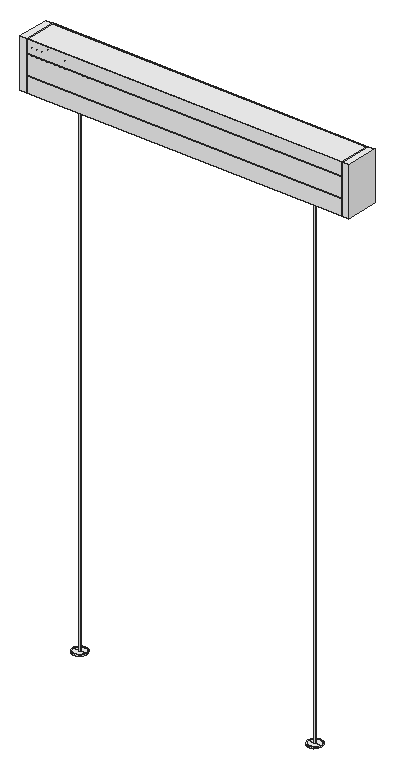
Revit family "2.3 inch  MAGIC WALL WASH LINEAR LIGHT", category Lighting Fixtures, host Face, Revit 2020 (continued)
Types (17): name | Wattage Comments | Wattage | Wall Mount | Suspenders Distance | Surface Mount | Recessed Mount | Photometric Web File | Pendent Mount | Order number | built-in parameter 1150142 | Model | built-in parameter 1150105 | Lumens | Light Source Height | Light Source Distance | built-in parameter 1150106 | Fixture Length
    .76  1905.95  1910.07  1913.86  1917.65  1921.44  1924.06  1926.62  1929.13  1932.27  \r\n 1935.56  1938.86  1941.55  1943.89  1946.19  1948.63  1951.24  1953.85  1956.12  1955.43  \r\n 1952.22  1949.05  1947.24  1945.34  1943.36  1940.06  1936.41  1932.78  1929.08  1925.28  \r\n 1921.41  1917.40  1913.05  1908.66  1904.23  1899.83  1895.44  1891.05  1886.32  1881.26  \r\n 1876.18  1871.07  1865.95  1860.82  1855.66  1849.89  1843.82  1837.69  1831.48  1825.26  \r\n 1819.05  1812.86  1806.32  1799.61  1792.84  1779.56  1765.00  1749.91  1734.28  1718.11  \r\n 1701.39  1684.09  1666.20  1647.87  1629.03  1609.67  1589.77  1568.31  1546.42  1524.09  \r\n 1501.31  1477.99  1454.22  1430.00  1405.25  1379.68  1353.79  1327.57  1301.00  1273.78  \r\n 1246.35  1218.71  1190.85  1162.74  1134.51  1106.17  1081.65  1057.88  1034.47  1011.27  \r\n 988.28   965.51   942.70   920.11   897.75   875.61   853.75   832.35   811.17   790.21   \r\n 769.47   748.94   728.63   708.56   688.73   669.13   649.77   630.54   611.47   592.60   \r\n 573.91   555.41   537.09   521.70   507.49   493.34   479.25   465.23   451.27   437.38   \r\n 423.58   409.84   396.16   382.52   368.94   355.41   341.92   328.47   315.02   301.63   \r\n 288.28   274.98   261.72   248.51   235.33   222.20   209.10   197.07   189.18   181.31   \r\n 173.48   165.66   157.86   150.09   142.33   134.59   126.87   119.17   111.48   103.80   \r\n 96.14    88.48    80.84    73.21    65.58    57.96    50.34    42.73    35.12    27.51    \r\n 19.90    19.25    18.61    17.96    17.31    16.67    16.02    15.37    14.72    14.08    \r\n 13.43    12.78    12.14    11.49    10.85    10.21    9.57     8.93     8.30     7.66     \r\n 7.03     6.40     5.78     5.16     5.11     5.21     5.31     5.40     5.50     5.59     \r\n 5.68     5.78     5.87     5.96     6.04     6.13     6.22     6.30     6.39     6.47     \r\n 6.55     6.63     6.71     6.78     6.86     6.93     7.00     7.07     7.12     7.10     \r\n 7.07     7.05     7.03     7.01     6.98     6.96     6.93     6.91     6.88     6.85     \r\n 6.82     6.79     6.76     6.73     6.70     6.66     6.63     6.59     6.56     6.52     \r\n 6.49     6.46     6.43     6.40     6.37     6.34     6.24     6.14     6.05     5.96     \r\n 5.88     5.79     5.71     5.63     5.55     5.47     5.39     5.31     5.23     5.15     \r\n 5.08     4.99     4.90     4.82     4.73     4.65     4.58     4.50     4.43     4.36     \r\n 4.29     4.23     4.16     4.09     4.02     3.95     3.89     3.85     3.80     3.75     \r\n 3.70     3.65     3.61     3.57     3.54     3.50     3.47     3.45     3.43     3.41     \r\n 3.39     3.37     3.35     3.33     3.31     3.30     3.28     3.27     3.26     3.24     \r\n 3.23     3.23     3.22     3.21     3.21     3.21     3.20     3.20     3.21     3.21     \r\n 3.21     3.22     3.23     3.25     3.27     3.29     3.32     3.35     3.37     3.40     \r\n 3.42     3.45     3.47     3.50     3.52     3.55     3.57     3.59     3.62     3.64     \r\n 3.67     3.69     3.72     3.74     3.77     3.79     3.82     3.84     3.87     3.90     \r\n 3.93     3.96     3.98     4.00     4.02     4.06     4.09     4.13     4.17     4.22     \r\n 4.26     \r\n1793.11  1801.14  1809.14  1816.98  1824.16  1831.34  1838.32  1844.92  1851.52  1857.85  \r\n 1863.93  1870.01  1875.76  1881.37  1886.99  1892.46  1897.88  1903.29  1908.37  1913.44  \r\n 1918.41  1923.00  1927.58  1931.82  1935.20  1938.53  1942.13  1946.13  1950.16  1953.66  \r\n 1956.73  1959.78  1963.01  1966.33  1969.64  1971.86  1973.80  1975.71  1979.00  1982.51  \r\n 1986.06  1987.65  1987.04  1984.22  1981.52  1978.75  1975.86  1972.43  1968.96  1965.44  \r\n 1961.79  1958.15  1954.42  1950.20  1945.95  1941.68  1937.37  1933.05  1928.60  1923.52  \r\n 1918.37  1913.11  1907.36  1901.62  1895.91  1890.05  1884.14  1878.18  1871.43  1864.54  \r\n 1857.59  1850.52  1843.41  1836.27  1829.05  1821.76  1814.48  1806.51  1797.36  1783.12  \r\n 1764.16  1744.66  1724.65  1704.12  1681.79  1658.73  1635.29  1610.86  1585.31  1559.50  \r\n 1533.42  1505.99  1478.41  1450.69  1422.43  1393.75  1365.07  1336.39  1306.11  1275.92  \r\n 1245.96  1216.27  1186.96  1157.92  1129.15  1100.54  1072.04  1043.75  1015.68  987.97   \r\n 963.30   941.27   919.51   897.98   876.69   855.66   834.89   814.49   794.54   774.82   \r\n 755.33   736.06   717.19   698.50   679.99   661.65   643.44   625.27   607.27   589.45   \r\n 571.80   554.30   536.92   519.71   502.66   485.77   470.19   456.19   442.27   428.47   \r\n 414.77   401.19   387.71   374.30   360.99   347.79   334.69   321.69   308.78   295.98   \r\n 283.26   270.64   258.10   245.64   233.27   220.96   208.73   196.57   184.48   174.50   \r\n 167.01   159.54   152.11   144.70   137.32   129.97   122.64   115.33   108.04   100.77   \r\n 93.52    86.28    79.06    71.85    64.65    57.46    50.28    43.10    35.92    28.75    \r\n 21.58    20.81    20.05    19.29    18.52    17.76    16.99    16.23    15.46    14.70    \r\n 13.93    13.17    12.41    11.65    10.89    10.13    9.38     8.63     7.88     7.13     \r\n 6.39     5.65     5.37     5.49     5.60     5.71     5.82     5.93     6.04     6.15     \r\n 6.26     6.36     6.47     6.58     6.69     6.79     6.90     7.00     7.09     7.19     \r\n 7.28     7.37     7.46     7.55     7.63     7.67     7.66     7.65     7.64     7.62     \r\n 7.61     7.59     7.57     7.55     7.53     7.51     7.49     7.46     7.44     7.41     \r\n 7.38     7.36     7.33     7.30     7.27     7.23     7.20     7.16     7.12     7.09     \r\n 7.05     6.96     6.83     6.69     6.55     6.42     6.29     6.16     6.04     5.92     \r\n 5.80     5.68     5.57     5.46     5.36     5.26     5.16     5.07     4.98     4.90     \r\n 4.82     4.74     4.67     4.60     4.53     4.46     4.40     4.34     4.27     4.22     \r\n 4.16     4.08     4.00     3.93     3.87     3.81     3.76     3.71     3.66     3.62     \r\n 3.57     3.52     3.47     3.42     3.38     3.34     3.31     3.27     3.23     3.20     \r\n 3.17     3.15     3.13     3.11     3.10     3.09     3.08     3.07     3.06     3.05     \r\n 3.05     3.04     3.04     3.04     3.03     3.03     3.04     3.04     3.04     3.06     \r\n 3.08     3.11     3.13     3.16     3.18     3.20     3.23     3.25     3.28     3.31     \r\n 3.34     3.37     3.40     3.42     3.45     3.47     3.50     3.53     3.56     3.58     \r\n 3.61     3.64     3.67     3.70     3.72     3.75     3.77     3.80     3.83     3.86     \r\n 3.90     3.93     3.96     3.98     4.00     4.04     4.08     4.12     4.17     4.21     \r\n 4.26     \r\n1793.11  1802.18  1811.22  1819.90  1828.06  1836.21  1843.88  1851.41  1858.84  1865.80  \r\n 1872.75  1879.41  1885.84  1892.29  1898.58  1904.84  1910.98  1916.88  1922.76  1928.27  \r\n 1933.61  1938.88  1943.02  1947.11  1951.45  1956.15  1960.86  1964.85  1968.63  1972.42  \r\n 1976.41  1980.40  1983.68  1986.23  1988.76  1992.49  1996.50  2000.21  2002.36  2004.48  \r\n 2006.61  2008.81  2011.02  2012.74  2014.33  2015.86  2014.03  2011.15  2008.07  2004.70  \r\n 2001.30  1997.85  1994.37  1990.86  1986.80  1982.65  1978.22  1972.97  1967.75  1962.64  \r\n 1957.63  1952.56  1946.91  1940.93  1934.88  1928.46  1921.96  1915.43  1908.61  1901.79  \r\n 1894.68  1886.23  1877.71  1869.09  1860.35  1851.55  1841.93  1831.09  1820.09  1807.95  \r\n 1794.53  1780.92  1766.10  1750.03  1732.24  1704.50  1675.70  1646.89  1616.24  1583.61  \r\n 1551.23  1519.02  1486.96  1455.21  1423.81  1392.85  1362.14  1331.64  1300.97  1270.62  \r\n 1240.59  1210.71  1181.12  1151.88  1123.01  1094.59  1066.59  1039.03  1012.09  985.70   \r\n 959.85   934.54   909.64   885.14   861.03   838.89   818.91   799.14   779.63   760.47   \r\n 741.48   722.67   704.01   685.47   667.10   648.90   630.87   613.01   595.32   577.81   \r\n 560.47   543.40   526.49   509.73   493.12   476.62   460.23   443.99   427.89   411.93   \r\n 398.06   385.11   372.30   359.62   347.07   334.64   322.37   310.24   298.22   286.33   \r\n 274.54   262.87   251.31   239.91   228.61   217.42   206.34   195.34   184.44   173.63   \r\n 162.89   154.34   147.50   140.66   133.83   127.00   120.17   113.34   106.51   99.68    \r\n 92.85    86.03    79.20    72.37    65.54    58.71    51.88    45.05    38.21    31.37    \r\n 24.53    23.57    22.60    21.63    20.66    19.70    18.73    17.76    16.79    15.83    \r\n 14.86    13.91    12.95    12.00    11.06    10.12    9.19     8.26     7.35     6.44     \r\n 6.00     6.12     6.24     6.35     6.47     6.58     6.69     6.81     6.92     7.03     \r\n 7.13     7.24     7.34     7.45     7.55     7.65     7.74     7.82     7.90     7.98     \r\n 8.06     8.12     8.14     8.15     8.15     8.16     8.16     8.16     8.16     8.16     \r\n 8.16     8.15     8.15     8.13     8.12     8.11     8.09     8.07     8.04     8.02     \r\n 7.99     7.97     7.94     7.90     7.87     7.83     7.73     7.57     7.41     7.26     \r\n 7.10     6.95     6.79     6.64     6.50     6.36     6.23     6.09     5.96     5.82     \r\n 5.69     5.57     5.44     5.32     5.20     5.08     4.96     4.85     4.75     4.64     \r\n 4.54     4.45     4.35     4.27     4.19     4.11     4.04     3.98     3.93     3.89     \r\n 3.84     3.80     3.76     3.72     3.68     3.64     3.60     3.56     3.51     3.44     \r\n 3.39     3.34     3.29     3.24     3.20     3.16     3.12     3.08     3.03     3.00     \r\n 2.97     2.94     2.92     2.90     2.87     2.86     2.85     2.83     2.83     2.82     \r\n 2.82     2.82     2.83     2.83     2.84     2.85     2.88     2.90     2.93     2.96     \r\n 2.98     3.01     3.04     3.06     3.09     3.12     3.15     3.17     3.20     3.23     \r\n 3.26     3.29     3.32     3.35     3.39     3.41     3.44     3.47     3.50     3.53     \r\n 3.56     3.59     3.62     3.65     3.68     3.71     3.74     3.77     3.80     3.83     \r\n 3.86     3.90     3.94     3.97     3.99     4.02     4.06     4.11     4.16     4.21     \r\n 4.26     \r\n1793.11  1803.15  1813.16  1822.64  1831.70  1840.69  1849.09  1857.50  1865.48  1873.26  \r\n 1880.91  1888.10  1895.32  1902.41  1909.47  1916.39  1923.07  1929.73  1935.85  1941.90  \r\n 1947.45  1952.30  1957.10  1962.43  1967.79  1972.69  1977.15  1981.60  1986.24  1990.87  \r\n 1994.62  1997.76  2001.04  2005.47  2009.96  2013.32  2016.02  2018.68  2021.27  2023.90  \r\n 2026.20  2028.33  2030.37  2032.13  2033.87  2035.24  2036.43  2037.59  2038.66  2039.71  \r\n 2040.49  2037.68  2034.34  2029.62  2024.92  2020.58  2016.46  2012.28  2007.28  2002.21  \r\n 1996.77  1990.95  1985.10  1978.84  1972.53  1965.84  1958.16  1950.40  1942.48  1934.45  \r\n 1926.26  1916.62  1906.82  1895.98  1883.78  1871.38  1857.66  1843.31  1828.46  1811.39  \r\n 1793.96  1774.72  1752.63  1729.90  1706.23  1681.76  1656.66  1631.40  1605.60  1579.05  \r\n 1550.88  1519.42  1486.36  1453.32  1420.64  1388.04  1355.50  1323.42  1291.34  1259.44  \r\n 1228.13  1198.24  1169.34  1140.87  1113.20  1086.12  1059.40  1033.45  1008.14  983.12   \r\n 958.34   933.78   909.54   885.61   861.99   838.68   815.67   793.29   771.24   749.53   \r\n 728.02   708.43   689.83   671.39   653.02   634.85   616.89   599.12   581.55   564.20   \r\n 547.07   530.11   513.36   496.84   480.53   464.53   448.74   433.12   417.69   402.48   \r\n 387.53   372.81   358.31   344.02   331.66   320.43   309.39   298.54   287.87   277.44   \r\n 267.20   257.12   247.19   237.41   227.76   218.39   209.14   199.96   190.84   181.78   \r\n 172.77   163.82   154.91   146.89   139.85   132.80   125.76   118.73   111.70   104.67   \r\n 97.64    90.62    83.59    76.57    69.54    62.52    55.50    48.47    41.44    34.41    \r\n 27.38    26.14    24.91    23.67    22.43    21.19    19.96    18.72    17.49    16.27    \r\n 15.05    13.83    12.63    11.43    10.24    9.06     7.89     6.73     6.26     6.39     \r\n 6.53     6.66     6.80     6.93     7.06     7.19     7.33     7.46     7.59     7.72     \r\n 7.85     7.97     8.09     8.21     8.32     8.42     8.53     8.60     8.64     8.67     \r\n 8.71     8.74     8.76     8.79     8.81     8.82     8.84     8.85     8.86     8.87     \r\n 8.87     8.87     8.86     8.85     8.83     8.82     8.80     8.79     8.76     8.73     \r\n 8.65     8.46     8.28     8.10     7.92     7.74     7.56     7.39     7.22     7.05     \r\n 6.89     6.73     6.57     6.42     6.27     6.12     5.97     5.83     5.69     5.55     \r\n 5.41     5.27     5.13     5.00     4.88     4.76     4.65     4.53     4.42     4.31     \r\n 4.22     4.14     4.06     3.99     3.91     3.84     3.77     3.70     3.64     3.58     \r\n 3.52     3.48     3.43     3.39     3.36     3.33     3.29     3.26     3.23     3.19     \r\n 3.16     3.13     3.09     3.05     3.00     2.95     2.91     2.87     2.83     2.80     \r\n 2.76     2.73     2.69     2.66     2.64     2.63     2.61     2.60     2.60     2.59     \r\n 2.59     2.62     2.64     2.67     2.71     2.74     2.78     2.81     2.84     2.87     \r\n 2.90     2.93     2.95     2.98     3.01     3.04     3.07     3.10     3.13     3.16     \r\n 3.19     3.22     3.25     3.28     3.32     3.36     3.39     3.42     3.45     3.48     \r\n 3.51     3.55     3.58     3.61     3.64     3.68     3.71     3.74     3.77     3.80     \r\n 3.84     3.88     3.92     3.96     3.98     4.00     4.05     4.10     4.15     4.20     \r\n 4.26     \r\n1793.11  1804.04  1814.95  1825.16  1835.07  1844.71  1853.93  1863.09  1871.64  1880.19  \r\n 1888.25  1896.17  1904.04  1911.83  1919.57  1926.97  1934.37  1941.20  1947.92  1954.05  \r\n 1959.58  1965.16  1971.11  1977.08  1982.30  1987.40  1992.56  1997.79  2002.69  2006.40  \r\n 2010.08  2014.80  2019.70  2023.70  2026.95  2030.12  2033.10  2036.11  2038.80  2041.43  \r\n 2043.88  2046.16  2048.31  2050.00  2051.68  2053.24  2054.76  2055.96  2056.83  2057.57  \r\n 2057.00  2056.40  2056.27  2056.35  2056.19  2055.57  2054.92  2051.14  2046.01  2040.51  \r\n 2034.75  2028.81  2021.99  2015.10  2007.97  2000.74  1993.10  1984.69  1976.12  1965.56  \r\n 1954.64  1943.13  1930.92  1918.36  1903.61  1888.48  1871.73  1853.36  1834.31  1814.09  \r\n 1793.23  1771.87  1749.99  1727.44  1702.78  1677.55  1651.41  1624.40  1596.81  1567.74  \r\n 1538.04  1507.24  1475.01  1442.12  1410.11  1378.03  1345.66  1313.82  1281.50  1251.77  \r\n 1223.59  1195.70  1167.91  1140.38  1113.19  1086.42  1059.97  1033.85  1008.12  982.74   \r\n 957.61   932.73   908.21   884.16   860.48   837.12   813.92   791.00   768.43   746.04   \r\n 723.97   702.27   681.31   660.85   640.77   620.79   600.95   581.60   564.05   547.10   \r\n 530.39   513.92   497.48   481.33   465.47   450.16   435.45   421.08   407.06   393.65   \r\n 380.69   368.12   355.92   344.19   332.81   321.76   311.04   300.54   290.43   281.02   \r\n 271.66   262.35   252.88   243.46   234.12   224.86   215.67   206.55   197.50   188.51   \r\n 179.59   170.73   161.93   153.18   144.50   136.28   129.16   122.05   114.96   107.87   \r\n 100.80   93.74    86.69    79.65    72.61    65.57    58.54    51.50    44.47    37.44    \r\n 30.40    28.80    27.19    25.58    23.97    22.36    20.76    19.16    17.56    15.98    \r\n 14.41    12.84    11.29    9.75     8.23     6.72     6.44     6.58     6.72     6.86     \r\n 7.00     7.14     7.28     7.42     7.56     7.70     7.84     7.98     8.12     8.25     \r\n 8.39     8.53     8.67     8.78     8.87     8.95     9.03     9.10     9.17     9.24     \r\n 9.30     9.36     9.41     9.46     9.51     9.55     9.59     9.61     9.63     9.64     \r\n 9.64     9.65     9.65     9.65     9.48     9.28     9.08     8.88     8.68     8.48     \r\n 8.29     8.09     7.90     7.71     7.52     7.33     7.16     6.99     6.81     6.63     \r\n 6.45     6.28     6.11     5.95     5.79     5.64     5.49     5.34     5.20     5.06     \r\n 4.93     4.79     4.67     4.57     4.47     4.38     4.29     4.20     4.10     4.01     \r\n 3.93     3.86     3.79     3.71     3.64     3.58     3.51     3.45     3.38     3.32     \r\n 3.25     3.18     3.10     3.05     3.00     2.95     2.92     2.89     2.87     2.85     \r\n 2.83     2.81     2.79     2.76     2.74     2.71     2.6
